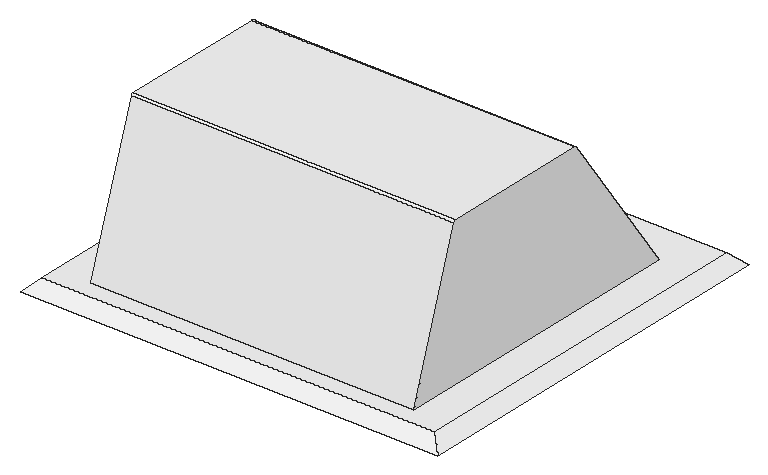
Revit family "NBS_DudleyIndustriesLimited_PprTwlDpnsrs_Dementia_MultifoldPaperTowelDispenser", category Specialty Equipment, host Face, Revit 2017
Family settings
  Host = Face
  Round Connector Dimension = Use Diameter
  Part Type = Normal
  Cut with Voids When Loaded = No
  Shared = No
  Room Calculation Point = No
Parameters
  WarrantyStartDate [instance] = "1900-12-31T23:59:59"
  WarrantyGuarantorParts = "n/a"
  WarrantyGuarantorLabor = "n/a"
  WarrantyDurationUnit = "year"
  WarrantyDurationParts = "n/a"
  WarrantyDurationLabor = "n/a"
  WarrantyDescription = "n/a"
  WallPlateMaterial = NBS_Concept
  Version = "1"  # constant formula
  Uniclass2015Version = "Products v1.11"
  Uniclass2015Title = "Paper towel dispensers"
  Uniclass2015Code = "Pr_40_70_22_62"
  TowelsWidth = "n/a"
  TowelsTowelType = "n/a"
  TowelDispenserCasingMaterial = NBS_Concept
  TagNumber [instance] = "n/a"
  SustainabilityPerformance = "n/a"
  Status = "UNSET"
  Size = "259 x 250 x 126 mm"
  Shape = "Square"
  SerialNumber [instance] = "n/a"
  Revision = "n/a"
  ReplacementCost = "n/a"
  Reference = "n/a"
  ProductInformation = "https://dudleyindustries.com/wp-content/uploads/2018/05/Dementia-CMfold-Paper-Towel-Dispenser.pdf"
  PackingCarton = "1 piece"
  Operation = "Pull out dispenser"
  NominalWidth = 336 mm
  NominalLength = 0 mm
  NominalHeight = 250 mm
  NominalDepth = 127 mm
  Name = "PaperTowelDispensers_Dementia:Multi-foldPaperTowelDispenser_DudleyIndustriesLimited"
  NBSReference = "45-35-72/344"
  NBSDescription = "Paper towel dispensers"
  NBSCertification = "www.nationalbimlibrary.com/cert/flbnwwlu"
  ModelReference = "Dementia Multi-fold Paper Towel Dispenser"
  ModelNumber = "78830WH (white), 78830BL (blue)"
  MaterialsBody = "Stainless steel"
  Material = "Stainless steel"
  ManufacturerURL = "https://www.dudleyindustries.com/"
  ManufacturerName = "Dudley Industries Limited"  # constant formula
  Manufacturer = "sales@dudleyindustries.com"  # constant formula
  IntegralAccessories = "Wall plate"
  InstallationDate [instance] = "1900-12-31T23:59:59"
  IfcExportType = "UNDEFINED"  # constant formula
  IfcExportAs = "IfcSanitaryTerminalType"  # constant formula
  Grade = "n/a"
  Form = "Wall mounted"
  Finish = "Powder coated"
  Features = "No sharp edges or corners, robust and durable, works in conjunction with the Wall Plates 78832BL (blue) and 78832WH (white) to provide an anti-ligature solution for high risk areas"
  ExpectedLife = "n/a"
  DurationUnit = "year"
  Description = "Multi-fold paper towel dispenser"
  Default Elevation = 1200 mm
  Constituents = "n/a"
  Color = "White, Blue"
  CodePerformance = "n/a"
  Category = "Pr_40_70_22_62:Paper towel dispensers"
  BarCode [instance] = "n/a"
  BIMObjectName = "NBS_DudleyIndustriesLimited_PaperTowelDispensers_Dementia_MultifoldPaperTowelDispenser"
  Author = "NBS"  # constant formula
  AssetType = "Fixed"
  AssetIdentifier [instance] = "n/a"
  AccessibilityPerformance = "n/a"
Reference planes
  plane 1: y = 0
  plane 2: z = 0
  plane 3 "Center (Left/Right)": x = 0
  plane 4 "Top": y = 156.337
  plane 5 "Bottom": y = -156.337
  plane 6 "Left": x = -167.8
  plane 7 "Right": x = 167.8
  plane 8: y = 146.647
  plane 9: y = -146.647
  plane 10: x = -158.11
  plane 11: x = 158.11
  plane 12 "Front": z = 127.6
  plane 13 "Base": y = -132.926
Forms (mm)
  Blend 1, solid, material "NBS_Concept" <- "WallPlateMaterial", detail levels medium+fine
    base sketch origin (0, 0, 0) x (1, 0, 0) y (0, 1, 0)
      loop
        line (-167.8, 156.337) -> (-167.8, -156.337) -> (167.8, -156.337) -> (167.8, 156.337) -> (-167.8, 156.337)
    top sketch origin (0, 0, 0) x (1, 0, 0) y (0, 1, 0)
      loop
        line (-158.11, 146.647) -> (-158.11, -146.647) -> (158.11, -146.647) -> (158.11, 146.647) -> (-158.11, 146.647)
    from 0 to 9.5
  Extrusion 2, solid, material "NBS_Concept" <- "WallPlateMaterial", detail levels coarse
    sketch origin (0, 0, 0) x (1, 0, 0) y (0, 1, 0)
      loop
        line (-167.8, 156.337) -> (-167.8, -156.337) -> (167.8, -156.337) -> (167.8, 156.337) -> (-167.8, 156.337)
    from 0 to 9.5
  Extrusion 3, solid, material "NBS_Concept" <- "TowelDispenserCasingMaterial"
    sketch origin (-129.9, -9.818, 9.5) x (0, -1, 0) y (0, 0, 1)
      loop
        line (-123.108, 0) -> (123.108, 0) -> (82.234, 116.761)
        arc (82.234, 116.761) -> (81.503, 117.731) -> (80.346, 118.1) r 2
        line (80.346, 118.1) -> (-38.796, 118.1)
        arc (-38.796, 118.1) -> (-39.717, 117.876) -> (-40.431, 117.253) r 2
        line (-40.431, 117.253) -> (-123.108, 0)
    from -259.8 to 0
Dimensions and locks
  aligned and locked: plane 2 to host face
  aligned and locked: level to host face
